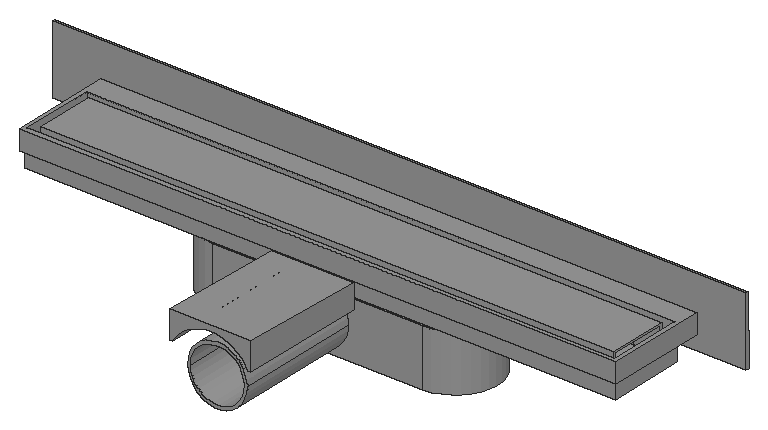
Revit family "HL_Душевой лоток_HL531", category Instalační zařizovací předměty, Revit 2016
Family settings
  Typ součásti = Normální
  Kóta kulaté spojky = Použít průměr
  Číslo OmniClass = 23.70.50.21.24.14
  Nadpis OmniClass = Deck Waste Water Drains
  Založené na pracovní rovině = Ne
  Vždy vertikální = Ano
  Ořezat dutým tvarem při načtení = Ne
  Sdílené = Ano
  Bod výpočtu místnosti = Ano
Parameters (values of type "HL531")
  РЕШЁТКА = "480 x 50 mm / V2A"
  РАЗМЕР = "DN50"
  ПРОПУСКНАЯ СПОСОБНОСТЬ = 0.6 L/s
  ПРОИЗВОДИТЕЛЬНОСТЬ = "0,60l/s"
  ПРАВОВАЯ ИНФОРМАЦИЯ = "Авторские права(©), права на дизайн или какие либо другие права интелектуальной собственности являются исключительной собственностью компании HL Hutterer & Lechner. Изменению не подлежит. Файл семейства с данными о прозводителе изделия защищен паролем с водяным знаком."  # constant formula
  НОМИНАЛЬНЫЙ ДИАМЕТР = 50 mm
  НАСАДКА = "13 mm Rahmen-/Belagshöhe / V2A"
  МАТЕРИАЛ = "ABS/EPS/V2A"
  МАКСИМАЛЬНАЯ НАГРУЗКА КЛАССА = "K3 - 300kg"
  ВЫСОТА МОНТАЖА = "79 mm (92mm)"
  ВЕС = "2,59 [kg]"
  Připojení ventilace = no
  Výrobce = "HL Hutterer & Lechner GmbH"  # constant formula
  URL = "http://www.hutterer-lechner.com/ru/products/catalog/floor-drains/attachments/HL531.aspx"
  Připojení odpadu = yes
  Připojení HW = no
  Popis = "Трапы для внутренних помещений"
  Model = "HL531"
  Komentáře k typům = "HL531 Душевой лоток „PRIMUS-LINE“ 13mm, встроенный в монтажный элемент из экструдированного пенополистирола, с подрамником из нержавеющей стали с решёткой."
  Keynote = "HL531"
  EAN = "9003076036158"
  Připojení CW = no
Reference planes
  plane 1 "Center (Front/Back)": y = 0
  plane 2: z = 0
  plane 3 "Center (Left/Right)": x = 0
  plane 4 "Ball Joint Vertical": x = 25.45
  plane 5: z = -92
  plane 6: z = -51.683
Lines and regions (mm)
  model lines, style "InvisibleLines"
    curve 1: line (0, 0, 0) -> (0, 0, 1000)
  symbolic lines, detail levels coarse+medium
    curve 2: line (-240, 25, 0) -> (240, 25, 0)
    curve 3: line (-240, -25, 0) -> (-240, 25, 0)
    curve 4: line (240, -25, 0) -> (-240, -25, 0)
    curve 5: line (240, 25, 0) -> (240, -25, 0)
    curve 13: line (0, -40.838, 0) -> (0, -25, 0)
    curve 18: line (0, -139.786, -51.683) -> (0, -169.786, -51.683)
  symbolic lines, not visible, detail levels coarse+medium
    curve 6: line (-240, 25, 0) -> (240, 25, 0)
    curve 7: line (-240, -25, 0) -> (-240, 25, 0)
    curve 8: line (240, -25, 0) -> (-240, -25, 0)
    curve 9: line (240, 25, 0) -> (240, -25, 0)
  model lines, detail levels coarse+medium
    curve 10: line (0, 0, -25.5) -> (0, 0, -51.683)
    curve 11: line (0, 0, -51.683) -> (0, -139.786, -51.683)
    curve 14: line (-240, 0, 0) -> (240, 0, 0)
    curve 15: line (-240, 0, -25.5) -> (-240, 0, 0)
    curve 16: line (240, 0, -25.5) -> (-240, 0, -25.5)
    curve 17: line (240, 0, 0) -> (240, 0, -25.5)
  reference lines
    curve 12: line (0, 0, -51.683) -> (0, -140, -51.683)
Text (mm)
  text "ПОЛ" at (-245.577, 0, -47.141), in view "Drain Construction View"
Dimensions and locks
  locked: plane 4 "Ball Joint Vertical" to plane 3 "Center (Left/Right)" at 25.45
  plane 2 to plane 5 = 92 mm
  plane 2 to plane 6 = 51.683 mm
  aligned and locked: level to plane 2
Nested families
  nested 1: "HL_Пластина - Решётка_HL0531S" at (0, 0, 0), type "HL0531S_Main Component"
  nested 2: "HL_Корпус для трапа внутренних помещений_HL531.0" at (0, 0, 0) x (0, 1, 0) z (0, 0, 1), type "HL531.0_Main Component"
Connectors
  piping at (0, -140, -51.683), diameter 50, driven by "НОМИНАЛЬНЫЙ ДИАМЕТР", driven by "ПРОПУСКНАЯ СПОСОБНОСТЬ"
    settings: on curve 12, index 1, connector inside diameter 609.6 mm, connector length 0 mm, flow factor 0, pipe flow 0.6 L/s, pressure drop 0.0 Pa, fitting loss kfactor 0, connector angle 0.00°, fixture units 0, engagement length 0 mm, angle of deflection 0.00°, flow configuration 1, flow direction 2, fitting loss method 0, system type 16, joint type 0, gender type 0, connector reference index -1, connector utility 0, adjustable connector yes, is connector primary yes, connector description ""
Definition of nested family "HL_Пластина - Решётка_HL0531S"
  Parameters (values of type "HL0531S")
    РАЗМЕР = "480x50x13 mm"
    ПРАВОВАЯ ИНФОРМАЦИЯ = "Авторские права(©), права на дизайн или какие либо другие права интелектуальной собственности являются исключительной собственностью компании HL Hutterer & Lechner. Изменению не подлежит. Файл семейства с данными о прозводителе изделия защищен паролем с водяным знаком."  # constant formula
    МАТЕРИАЛ = "V2A"
    МАКСИМАЛЬНАЯ НАГРУЗКА КЛАССА = "K3 - 300 kg"
    ВЕС = "0,41 [kg]"
    Waste Connection = yes
    Vent Connection = no
    Manufacturer = "HL Hutterer & Lechner GmbH"  # constant formula
    URL = "http://www.hutterer-lechner.com/ru/Products/catalog/floor-drains/attachments/HL0531S.aspx"
    HW Connection = no
    Description = "Трапы для внутренних помещений - Комплектующие"
    Model = "HL0531S"
    Type Comments = "HL0531S Решетка серии „Стандарт“ подходит к HL531(.0)"
    Keynote = "HL0531S"
    EAN = "9003076036257"
    CW Connection = no
  Reference planes
    plane 1 "Center (Front/Back)": y = 0
    plane 2: z = 0
    plane 3 "Center (Left/Right)": x = 0
    plane 4 "Ball Joint Vertical": x = 25.45
  Forms (mm)
    Sweep 1, solid, detail levels fine
      path origin (0, 0, 0) x (1, 0, 0) y (0, 1, 0)
        loop
          line (-240, 0) -> (240, 0)
      profile origin (0, 0, 0) x (0, 1, 0) y (0, 0, 1)
        loop
          line (25, 0) -> (-25, 0) -> (-25, -25.5) -> (-23.5, -25.5) -> (-23.5, -1.5) -> (23.5, -1.5) -> (23.5, -25.5) -> (25, -25.5) -> (25, 0)
    Extrusion 2, void
      sketch origin (0, 0, 0) x (1, 0, 0) y (0, 0, 1)
        loop
          line (-138.083, -11.5) -> (-211.917, -11.5) -> (-220, -25.5) -> (-130, -25.5) -> (-138.083, -11.5)
        loop
          line (101.917, -11.5) -> (-101.917, -11.5) -> (-110, -25.5) -> (110, -25.5) -> (101.917, -11.5)
        loop
          line (211.917, -11.5) -> (138.083, -11.5) -> (130, -25.5) -> (220, -25.5) -> (211.917, -11.5)
      from 35 to -35
  Cuts and joins
    Extrusion 2 cuts Sweep 1
  Text (mm)
    text "ROOF/FLOOR" at (-198.233, 0, -26.556), in view "Drain Construction View"
  Dimensions and locks
    locked: plane 4 "Ball Joint Vertical" to plane 3 "Center (Left/Right)" at 25.45
    aligned and locked: level to plane 2
Definition of nested family "HL_Корпус для трапа внутренних помещений_HL531.0"
  Parameters (values of type "HL531.0")
    РАЗМЕР = "DN50"
    ПРОПУСКНАЯ СПОСОБНОСТЬ [instance] = 0.6 L/s
    ПРОИЗВОДИТЕЛЬНОСТЬ = "0,60l/s"
    ПРАВОВАЯ ИНФОРМАЦИЯ = "Авторские права(©), права на дизайн или какие либо другие права интелектуальной собственности являются исключительной собственностью компании HL Hutterer & Lechner. Изменению не подлежит. Файл семейства с данными о прозводителе изделия защищен паролем с водяным знаком."  # constant formula
    НОМИНАЛЬНЫЙ ДИАМЕТР = 50 mm  # constant formula
    НАСАДКА = "13 mm Rahmen-/Belagshöhe / V2A"
    МАТЕРИАЛ = "ABS/EPS/V2A"
    МАКСИМАЛЬНАЯ НАГРУЗКА КЛАССА = "K3 - 300kg"
    ВЫСОТА МОНТАЖА = "79 mm (92mm)"
    ВЕС = "2,17 [kg]"
    Waste Connection = yes
    Vent Connection = no
    Manufacturer = "HL Hutterer & Lechner GmbH"  # constant formula
    URL = "http://www.hutterer-lechner.com/ru/Products/catalog/floor-drains/attachments/HL531.0.aspx"
    Keynote = "HL531.0"
    HW Connection = no
    Description = "Трапы для внутренних помещений"
    Model = "HL531.0"
    Type Comments = "HL531.0 Душевой лоток „PRIMUS-LINE“ 13mm, встроенный в монтажный элемент из экструдированного пенополистирола, с подрамником из нержавеющей стали без решётки."
    EAN = "9003076036172"
    CW Connection = no
  Reference planes
    plane 1 "Center (Front/Back)": y = 0
    plane 2: z = 0
    plane 3 "Center (Left/Right)": x = 0
    plane 4 "Ball Joint Vertical": x = 25.45
    plane 5: z = -21.882
  Forms (mm)
    Extrusion 1, solid, detail levels fine
      sketch origin (0, 0, 0) x (0, 1, 0) y (0, 0, 1)
        loop
          circle (0, -51.683) r 25
        loop
          circle (0, -51.683) r 22.6
      from -31.661 to -139.786
    Extrusion 2, solid, detail levels fine
      sketch origin (0, 0, 0) x (1, 0, 0) y (0, 1, 0)
        loop
          arc (34.51, 87.9) -> (0, 122.41) -> (-34.51, 87.9) r 34.51
          line (-34.51, 87.9) -> (-34.51, -87.9)
          arc (-34.51, -87.9) -> (0, -122.41) -> (34.51, -87.9) r 34.51
          line (34.51, -87.9) -> (34.51, 87.9)
      from -30.048 to -77.708
    Extrusion 3, solid, detail levels fine
      sketch origin (0, 0, 0) x (0, 1, 0) y (0, 0, 1)
        loop
          line (-34, -33.899) -> (-31.361, -33.899)
          arc (-31.361, -33.899) -> (0.088, -15.419) -> (31.538, -33.899) r 36
          line (31.538, -33.899) -> (34, -33.899) -> (34, -10.82) -> (-34, -10.82) -> (-34, -33.899)
      from -40.156 to -147.03
    Extrusion 4, void
      sketch origin (0, 0, 0) x (1, 0, 0) y (0, 0, 1)
        loop
          line (-40.156, -14.046) -> (-40.156, -8.065) -> (-147.03, -8.065) -> (-147.03, -10.82) -> (-40.156, -14.046)
      from 34 to -34
    Sweep 5, solid, detail levels fine
      path origin (0, 0, 0) x (1, 0, 0) y (0, 1, 0)
        loop
          line (52.958, 290.581) -> (52.958, -290.432)
      profile origin (52.958, 0.075, 0) x (1, 0, 0) y (0, 0, 1)
        loop
          line (0, -29.077) -> (-0.504, 28.691) -> (-2.459, 28.691) -> (-2.459, -29.077) -> (0, -29.077)
    Extrusion 6, solid, detail levels fine
      sketch origin (0, 0, 0) x (1, 0, 0) y (0, 1, 0)
        loop
          line (49.904, 249.412) -> (-34.659, 249.412) -> (-34.659, -249.588) -> (49.904, -249.588) -> (49.904, 249.412)
        loop
          line (-31.661, 246.412) -> (-31.661, -246.588) -> (30.811, -246.588) -> (30.811, 246.412) -> (-31.661, 246.412)
      from 0 to -16.82
    Extrusion 7, solid, detail levels fine
      sketch origin (0, 0, 0) x (1, 0, 0) y (0, 1, 0)
        loop
          line (31.811, -247.588) -> (31.811, 247.412) -> (-32.661, 247.412) -> (-32.661, -247.588) -> (31.811, -247.588)
      from -16.82 to -30.048
    Extrusion 8, void
      sketch origin (0, 0, 0) x (1, 0, 0) y (0, 1, 0)
        loop
          line (30.811, 246.412) -> (-31.661, 246.412) -> (-31.661, -246.588) -> (30.811, -246.588) -> (30.811, 246.412)
      from 0 to -29
    Extrusion 9, void
      sketch origin (0, 0, -29) x (0, 1, 0) y (1, 0, 0)
        loop
          arc (-90.275, 16.7) -> (-97.133, 13.859) -> (-99.975, 7) r 9.7
          line (-99.975, 7) -> (-99.975, -7.1)
          arc (-99.975, -7.1) -> (-97.133, -13.959) -> (-90.275, -16.8) r 9.7
          line (-90.275, -16.8) -> (90.125, -16.8)
          arc (90.125, -16.8) -> (96.984, -13.959) -> (99.825, -7.1) r 9.7
          line (99.825, -7.1) -> (99.825, 7)
          arc (99.825, 7) -> (96.984, 13.859) -> (90.125, 16.7) r 9.7
          line (90.125, 16.7) -> (-90.275, 16.7)
        loop
          arc (98.877, -31.661) -> (121.389, -1.178) -> (101.075, 30.811) r 33.51
          line (101.075, 30.811) -> (-101.075, 30.811)
          arc (-101.075, 30.811) -> (-121.389, -1.178) -> (-98.877, -31.661) r 33.51
          line (-98.877, -31.661) -> (98.877, -31.661)
      from 0 to 11.488
  Cuts and joins
    Extrusion 4 cuts Extrusion 3
    Extrusion 9 cuts Extrusion 1
    Extrusion 9 cuts Extrusion 2
    Extrusion 8, Extrusion 9 cuts Extrusion 6
    Extrusion 8, Extrusion 9 cuts Extrusion 7
    joined: Extrusion 1, Extrusion 2, Extrusion 6, Extrusion 7
  Lines and regions (mm)
    reference lines, not visible
      curve 1: line (-139.786, 0, -51.683) -> (0, 0, -51.683)
    symbolic lines, detail levels coarse+medium
      curve 2: line (-139.786, 0, 0) -> (-35.051, 0, 0)
    model lines
      curve 3: line (0, 0, 0) -> (0, 0, 100)
  Text (mm)
    text "ПОЛ" at (-218.248, 0, -14.325), in view "Drain Construction View"
  Dimensions and locks
    locked: plane 4 "Ball Joint Vertical" to plane 3 "Center (Left/Right)" at 25.45
    aligned and locked: level to plane 2
  Connectors
    piping at (-139.786, 0, -51.683), diameter 50, driven by "ПРОПУСКНАЯ СПОСОБНОСТЬ", driven by "НОМИНАЛЬНЫЙ ДИАМЕТР"
      settings: on curve 1, index 1, connector inside diameter 609.6 mm, connector length 0 mm, flow factor 0, pipe flow 0.6 L/s, pressure drop 0.0 Pa, fitting loss kfactor 0, connector angle 0.00°, fixture units 0, engagement length 0 mm, angle of deflection 0.00°, flow configuration 1, flow direction 2, fitting loss method 0, system type 16, joint type 0, gender type 0, connector reference index -1, connector utility 0, adjustable connector no, is connector primary yes, connector description ""
